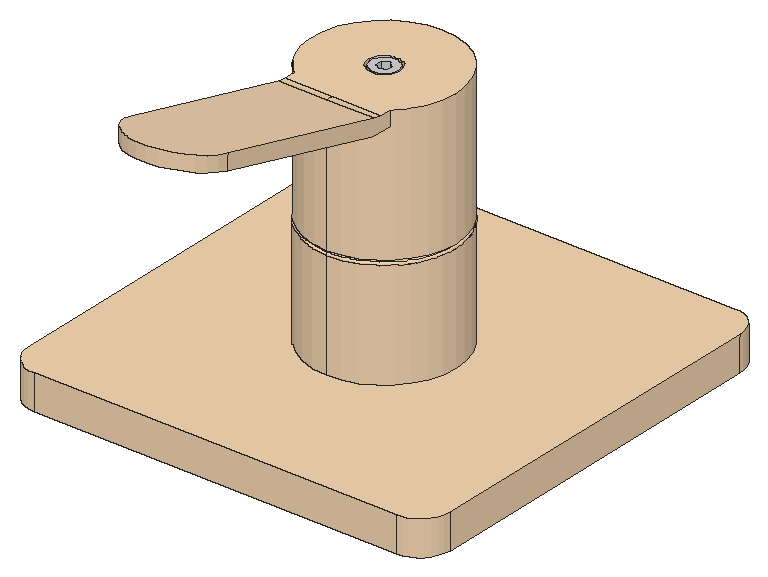
Revit family "Shower-Valve_Trim-KALLISTA-Aileron-P33491_1", category Specialty Equipment, host Face, Revit 2021
Family settings
  Host = Face
  Round Connector Dimension = Use Diameter
  Part Type = Normal
  OmniClass Number = 23.31.25.00
  OmniClass Title = Toilet and Bath Specialties
  Cut with Voids When Loaded = No
  Shared = No
  Room Calculation Point = No
Parameters (values of type "2MB-Brushed Brass")
  Width = 4.72441"  # constant formula
  WaterSense Certified = 1 = 0  # no
  URL = "https://www.kallista.com/"
  Type = 1
  Product Page URL = ""
  Product Name = "Aileron"  # constant formula
  Product Documentation Link = ""
  Model = if(Type = 1, "P33491-LV-2MB", if(Type = 2, "P33491-LV-BGP", if(Type = 3, "P33491-LV-BL", if(Type = 4, "P33491-LV-BLH", if(Type = 5, "P33491-LV-BN", if(Type = 6, "P33491-LV-CP", "NA"))))))  # "P33491-LV-2MB"
  Material = "Premiun Metal Contruction"  # constant formula
  Master Format 2014 Name = "Toilet, Bath, and Laundry Accessories"  # constant formula
  Master Format 2014 = "10 28 00"  # constant formula
  Manufacturer Address = "444 Highland Dr, Kohler, WI 53044"  # constant formula
  Manufacturer = "Kallista Co."  # constant formula
  Length = 3.85827"  # constant formula
  Height = 4.72441"  # constant formula
  Handle Clearance = 3 59/128"  # constant formula
  Finish = Kallista-Metal-2MB-Brushed_Brass
  Environmental Product Declaration = ""
  Description = "Thermostatic Trim"  # constant formula
  Default Elevation = 42"
  Declare Label = ""
  Date Modified = "11/26/2024"  # constant formula
  Date Created = "11/26/2024"  # constant formula
  Copyright = "Copyright Kallista Co."  # constant formula
  Contact Us = "https://www.kallista.com/corporate/contact-us/"
  Assembly Code = "C1030200"
  ADA Compliant = 1 = 0  # no
Types (7): name | Type | Model | Finish
  (no name) | 1 | "P33491-LV-2MB" | Kallista-Metal-2MB-Brushed_Brass
  2MB-Brushed Brass | 1 | "P33491-LV-2MB" | Kallista-Metal-2MB-Brushed_Brass
  BGP-Brushed Graphite | 2 | "P33491-LV-BGP" | Kallista-Metal-BGP-Brushed_Graphite
  BL-Matte Black | 3 | "P33491-LV-BL" | Kallista-Metal-BL-Matte_Black
  BLH-Blush Brass | 4 | "P33491-LV-BLH" | Kallista-Metal-BLH-Blush_Brass
  BN-Brushed Nickel | 5 | "P33491-LV-BN" | Kallista-Metal-BN-Brushed_Nickel
  CP-Chrome | 6 | "P33491-LV-CP" | Kallista-Metal-CP-Chrome
Reference planes (in)
  plane 1 "Center (Front/Back)": y = 0
  plane 2: z = 0
  plane 3 "Center (Left/Right)": x = 0
  plane 4: y = -1.87008
  plane 5: x = -0.80709
  plane 6: x = 0.80709
  plane 7: y = 0.80709
  plane 8: y = -0.80709
  plane 9: x = 2.3622
  plane 10: x = -2.3622
  plane 11: y = -2.30315
  plane 12: z = 0.38583
  plane 13: z = 3.85827
  plane 14: y = -3.1696
  plane 15: y = 1.55481
  plane 16: y = -4.26802
Dimensions and locks (in)
  "Width": plane 10 to plane 9
  "Length": level to plane 13
  plane 15 to plane 14 = 4.72441"
  level to plane 12 = 0.38583"  (x3)
  "Height": plane 15 to plane 14
  plane 15 to plane 16 = 5.82283"
  plane 14 to plane 15 = 4.72441"
  plane 10 to plane 9 = 4.72441"
  level to plane 13 = 3.85827"
  "Handle Clearance": plane 8 to plane 16
  aligned and locked: plane 2 to host face
  aligned and locked: level to host face
Automatic sketch dimensions
  host sketch curve to host sketch curve = 96"  (x2)
Nested families (in)
  nested 1: "P33491" at (0, -0.80709, 0), type "P33491"
Definition of nested family "P33491"
  Parameters
    Material = none
    Default Elevation = 0"
  Reference planes (in)
    plane 1 "Center (Front/Back)": y = 0
    plane 2: z = 0
    plane 3 "Center (Left/Right)": x = 0
    plane 4: y = 0.80709
    plane 5: y = -0.80709
    plane 6: z = 3.15023
    plane 7: through (0, -0.96381, 2.99438) normal (0, 0.2588, 0.9659)
    plane 8: through (0, -0.91286, 3.18452) normal (0, 0.2588, 0.9659)
    plane 9: x = -0.80709
    plane 10: x = 0.80709
    plane 11: z = 0.38583
    plane 12: x = -2.3622
    plane 13: x = 2.3622
    plane 14: y = 2.3622
    plane 15: z = 3.46063
    plane 16: z = 3.85827
    plane 17: y = -3.46063
    plane 18: y = -2.3622
  Forms (in)
    Extrusion 1, solid, material <- "Material", detail levels medium+fine
      sketch origin (0, 0, 0) x (1, 0, 0) y (0, 1, 0)
        loop
          arc (2.3622, 2.02784) -> (2.26427, 2.26427) -> (2.02784, 2.3622) r 0.33437
          line (2.02784, 2.3622) -> (-2.02784, 2.3622)
          arc (-2.02784, 2.3622) -> (-2.26427, 2.26427) -> (-2.3622, 2.02784) r 0.33437
          line (-2.3622, 2.02784) -> (-2.3622, -2.02784)
          arc (-2.3622, -2.02784) -> (-2.26427, -2.26427) -> (-2.02784, -2.3622) r 0.33437
          line (-2.02784, -2.3622) -> (2.02784, -2.3622)
          arc (2.02784, -2.3622) -> (2.26427, -2.26427) -> (2.3622, -2.02784) r 0.33437
          line (2.3622, -2.02784) -> (2.3622, 2.02784)
      from 0 to 0.38583
    Revolve 2, solid, material <- "Material", detail levels medium+fine
      sketch origin (0, 0, 0) x (0, 1, 0) y (0, 0, 1)
        loop
          line (0, 1.61412) -> (0, 0.3937) -> (0.80709, 0.3937) -> (0.80709, 1.59444)
          arc (0.80709, 1.59444) -> (0.80132, 1.60836) -> (0.7874, 1.61412) r 0.01969
          line (0.7874, 1.61412) -> (0, 1.61412)
        axis (0, 0.3937) -> (0, 1.61412)
      angle from 0 to 360
    Revolve 3, solid, material <- "Material", detail levels medium+fine
      sketch origin (0, 0, 0) x (0, 1, 0) y (0, 0, 1)
        loop
          line (0, 3.15023) -> (0, 1.64596) -> (0.80709, 1.64596) -> (0.80709, 3.15023) -> (0, 3.15023)
        axis (0, 1.64596) -> (0, 3.15023)
      angle from 0 to 360
    Revolve 4, solid, detail levels medium+fine
      sketch origin (0, 0, 0) x (0, 1, 0) y (0, 0, 1)
        loop
          line (0, 1.69514) -> (0, 1.59063) -> (0.60606, 1.59063)
          arc (0.60606, 1.59063) -> (0.62288, 1.5976) -> (0.62985, 1.61443) r 0.02379
          line (0.62985, 1.61443) -> (0.62985, 1.69514) -> (0, 1.69514)
        axis (0, 1.59063) -> (0, 1.69514)
      angle from 0 to 360
    Sweep 5, solid, material <- "Material", detail levels medium+fine
      path origin (0, 0, -0.22761) x (0, 1, 0) y (0, 0, 1)
        loop
          line (0.80709, 3.37783) -> (-0.71537, 3.37783)
          arc (-0.71537, 3.37783) -> (-0.76294, 3.38095) -> (-0.80969, 3.39025) r 0.36441
          line (-0.80969, 3.39025) -> (-4.98122, 4.50801)
      profile origin (0, 0.04586, 3.15023) x (0, 0, -1) y (1, 0, 0)
        loop
          line (0.16911, -0.80709) -> (0.16911, 0.80709) -> (0, 0.80709) -> (0, 0) -> (0, -0.80709) -> (0.16911, -0.80709)
    Extrusion 6, void
      sketch origin (0, 0, 0) x (1, 0, 0) y (0, 1, 0)
        loop
          line (-0.53472, 0.18498) -> (-0.53472, -2.86303)
          arc (-0.53472, -2.86303) -> (0.00184, -3.39959) -> (0.5384, -2.86303) r 0.53656
          line (0.5384, -2.86303) -> (0.5384, 0.17392)
          arc (0.5384, 0.17392) -> (0.00583, 0.56629) -> (-0.53472, 0.18498) r 0.56557
        loop
          line (1.56502, 2.25315) -> (-1.58459, 2.25315) -> (-1.58459, -6.38976) -> (1.56502, -6.38976) -> (1.56502, 2.25315)
      from 2.77708 to 5.12019
    Extrusion 7, void
      sketch origin (0, 0, 0) x (1, 0, 0) y (0, 1, 0)
        loop
          circle (0, 0) r 0.17611
      from 3.05754 to 3.86293
    Extrusion 8, solid, detail levels medium+fine
      sketch origin (0, 0, 0) x (1, 0, 0) y (0, 1, 0)
        loop
          circle (0, 0) r 0.14961
      from 3.05754 to 3.14529
    Extrusion 9, void
      sketch origin (0, 0, 0) x (1, 0, 0) y (0, 1, 0)
        loop
          line (0, 0.07733) -> (-0.06697, 0.03866) -> (-0.06697, -0.03866) -> (0, -0.07733) -> (0.06697, -0.03866) -> (0.06697, 0.03866) -> (0, 0.07733)
      from 3.05754 to 3.15023
    Extrusion 10, solid, material <- "Material", detail levels coarse
      sketch origin (0, 0, 0) x (1, 0, 0) y (0, 1, 0)
        loop
          line (2.3622, 2.3622) -> (-2.3622, 2.3622) -> (-2.3622, -2.3622) -> (2.3622, -2.3622) -> (2.3622, 2.3622)
      from 0 to 0.38583
    Extrusion 11, void
      sketch origin (0, 0, 0) x (0, 1, 0) y (0, 0, 1)
        loop
          line (-0.76335, 3.37783) -> (-0.21084, 3.37783) -> (-0.21084, 4.49449) -> (-3.39959, 4.49449) -> (-3.39959, 4.08421) -> (-0.76335, 3.37783)
        loop
          line (-3.39959, 3.90914) -> (-3.72023, 3.99506) -> (-3.72023, 2.71251) -> (-0.21084, 2.71251) -> (-0.21084, 3.20873) -> (-0.78561, 3.20873) -> (-3.39959, 3.90914)
      from -2.36921 to 5.05248
    Extrusion 12, solid, material <- "Material", detail levels medium+fine
      sketch origin (0, 0, 0) x (1, 0, 0) y (0, 0, 1)
        loop
          line (0.1336, 2.22847) -> (0.1336, 2.52008)
          arc (0.1336, 2.52008) -> (-0.0042, 2.65787) -> (-0.14199, 2.52008) r 0.1378
          line (-0.14199, 2.52008) -> (-0.14199, 2.22847)
          arc (-0.14199, 2.22847) -> (-0.0042, 2.09067) -> (0.1336, 2.22847) r 0.1378
      from -0.92095 to -0.66926
    Revolve 13, solid, material <- "Material", detail levels coarse
      sketch origin (0, 0, 0) x (0, 1, 0) y (0, 0, 1)
        loop
          line (0, 3.14971) -> (0, 0.36614) -> (0.80709, 0.36614) -> (0.80709, 3.14971) -> (0, 3.14971)
        axis (0, 0.36614) -> (0, 3.14971)
      angle from 0 to 360
    Extrusion 14, solid, material <- "Material", detail levels coarse
      sketch origin (0, 0, 0) x (0, 1, 0) y (0, 0, 1)
        loop
          arc (-0.96487, 3.02915) -> (-0.78609, 2.98958) -> (-0.60454, 2.96585) r 2.08365
          line (-0.60454, 2.96585) -> (-0.60454, 3.13247)
          arc (-0.60454, 3.13247) -> (-0.73597, 3.15037) -> (-0.86543, 3.17928) r 1.5748
          line (-0.86543, 3.17928) -> (-3.46363, 3.87547) -> (-3.50782, 3.71053) -> (-0.96487, 3.02915)
      from -1.63239 to 2.3622
    Extrusion 15, void
      sketch origin (0, 0, 0) x (1, 0, 0) y (0, 1, 0)
        loop
          line (0.5384, -0.60126) -> (0.5384, -3.39959) -> (-0.53472, -3.39959) -> (-0.53472, -0.60454)
          arc (-0.53472, -0.60454) -> (-0.73585, -0.33153) -> (-0.80709, 0) r 0.80709
          line (-0.80709, 0) -> (-1.95997, 0) -> (-2.14567, -3.54331) -> (3.56299, -3.54331) -> (3.56299, 0) -> (0.80709, 0)
          arc (0.80709, 0) -> (0.73686, -0.32928) -> (0.5384, -0.60126) r 0.80709
      from 2.44335 to 4.9627
  Cuts and joins
    Extrusion 7 cuts Revolve 3
    Extrusion 6, Extrusion 7 cuts Sweep 5
    joined: Revolve 3, Sweep 5
    Extrusion 9 cuts Extrusion 8
    Extrusion 7 cuts Revolve 2
    Extrusion 7 cuts Revolve 4
    Extrusion 7 cuts Extrusion 1
    Extrusion 15 cuts Extrusion 14
    Extrusion 15 cuts Revolve 13
  Lines and regions (in)
    Masking region 1
      outline origin (0, 0.00077, 0) x (1, 0, 0) y (0, 1, 0)
        loop
          line (1.9685, 2.36144) -> (-1.9685, 2.36144)
          arc (-1.9685, 2.36144) -> (-2.24689, 2.24612) -> (-2.3622, 1.96773) r 0.3937
          line (-2.3622, 1.96773) -> (-2.3622, -1.96927)
          arc (-2.3622, -1.96927) -> (-2.24689, -2.24766) -> (-1.9685, -2.36297) r 0.3937
          line (-1.9685, -2.36297) -> (-0.55364, -2.36297) -> (-0.55364, -2.9084)
          arc (-0.55364, -2.9084) -> (0, -3.46204) -> (0.55364, -2.9084) r 0.55364
          line (0.55364, -2.9084) -> (0.55364, -2.36297) -> (1.9685, -2.36297)
          arc (1.9685, -2.36297) -> (2.24689, -2.24766) -> (2.3622, -1.96927) r 0.3937
          line (2.3622, -1.96927) -> (2.3622, 1.96773)
          arc (2.3622, 1.96773) -> (2.24689, 2.24612) -> (1.9685, 2.36144) r 0.3937
    Masking region 2
      outline origin (0, -0.005, 0) x (0, 1, 0) y (0, 0, 1)
        loop
          line (-0.77988, 3.15023) -> (-3.38856, 3.84922)
          arc (-3.38856, 3.84922) -> (-3.40442, 3.84713) -> (-3.41415, 3.83445) r 0.02089
          line (-3.41415, 3.83445) -> (-3.45405, 3.68554)
          arc (-3.45405, 3.68554) -> (-3.45187, 3.669) -> (-3.43864, 3.65884) r 0.02179
          line (-3.43864, 3.65884) -> (-0.80209, 2.95238) -> (-0.80209, 1.6449) -> (-0.62964, 1.6449) -> (-0.62964, 1.61356) -> (-0.7874, 1.61356)
          arc (-0.7874, 1.61356) -> (-0.80132, 1.6078) -> (-0.80709, 1.59388) r 0.01969
          line (-0.80709, 1.59388) -> (-0.80709, 0.38583) -> (-2.33752, 0.38583)
          arc (-2.33752, 0.38583) -> (-2.35144, 0.38006) -> (-2.35721, 0.36614) r 0.01969
          line (-2.35721, 0.36614) -> (-2.35721, 0) -> (2.3672, 0) -> (2.3672, 0.36614)
          arc (2.3672, 0.36614) -> (2.36144, 0.38006) -> (2.34752, 0.38583) r 0.01969
          line (2.34752, 0.38583) -> (0.80709, 0.38583) -> (0.80709, 1.59388)
          arc (0.80709, 1.59388) -> (0.80132, 1.6078) -> (0.7874, 1.61356) r 0.01969
          line (0.7874, 1.61356) -> (0.62964, 1.61356) -> (0.62964, 1.6449) -> (0.81208, 1.6449) -> (0.81208, 2.0899) -> (0.88379, 2.0899)
          arc (0.88379, 2.0899) -> (0.91371, 2.10229) -> (0.9261, 2.1322) r 0.0423
          line (0.9261, 2.1322) -> (0.9261, 2.60234)
          arc (0.9261, 2.60234) -> (0.91457, 2.63018) -> (0.88674, 2.6417) r 0.03936
          line (0.88674, 2.6417) -> (0.81208, 2.6417) -> (0.81208, 3.15023) -> (-0.77988, 3.15023)
    Masking region 3
      outline origin (0, 0, 0) x (1, 0, 0) y (0, 0, 1)
        loop
          line (-2.3622, 0) -> (2.3622, 0) -> (2.3622, 0.36614)
          arc (2.3622, 0.36614) -> (2.35644, 0.38006) -> (2.34252, 0.38583) r 0.01969
          line (2.34252, 0.38583) -> (0.80709, 0.38583) -> (0.80709, 1.59444)
          arc (0.80709, 1.59444) -> (0.80132, 1.60836) -> (0.7874, 1.61412) r 0.01969
          line (0.7874, 1.61412) -> (0.62985, 1.61412) -> (0.62985, 1.64596) -> (0.80709, 1.64596) -> (0.80709, 3.37783) -> (0.55112, 3.37783) -> (0.55112, 3.50442)
          arc (0.55112, 3.50442) -> (0.48194, 3.70743) -> (0.30321, 3.82598) r 0.3325
          arc (0.30321, 3.82598) -> (0.27706, 3.83227) -> (0.25067, 3.83746) r 0.63922
          arc (0.25067, 3.83746) -> (0.0547, 3.85708) -> (-0.14204, 3.84786) r 1.34452
          arc (-0.14204, 3.84786) -> (-0.27467, 3.82223) -> (-0.40236, 3.77815) r 0.95548
          arc (-0.40236, 3.77815) -> (-0.51141, 3.68722) -> (-0.55227, 3.55124) r 0.24669
          line (-0.55227, 3.55124) -> (-0.55227, 3.37783) -> (-0.80709, 3.37783) -> (-0.80709, 1.64596) -> (-0.62985, 1.64596) -> (-0.62985, 1.61412) -> (-0.7874, 1.61412)
          arc (-0.7874, 1.61412) -> (-0.80132, 1.60836) -> (-0.80709, 1.59444) r 0.01969
          line (-0.80709, 1.59444) -> (-0.80709, 0.38583) -> (-2.34252, 0.38583)
          arc (-2.34252, 0.38583) -> (-2.35644, 0.38006) -> (-2.3622, 0.36614) r 0.01969
          line (-2.3622, 0.36614) -> (-2.3622, 0)
    symbolic lines, detail levels medium+fine
      curve 1: arc (0.55364, -0.62722, 0) -> (-0.00814, 0.83657, 0) -> (-0.54134, -0.63787, 0) r 0.83661
      curve 2: circle (0, 0, 0) r 0.17611 normal (0, 0, 1)
      curve 3: circle (0, 0, 0) r 0.15494 normal (0, 0, 1)
      curve 4: line (0.05114, 0.02953, 0) -> (0, 0.05906, 0)
      curve 5: line (0, 0.05906, 0) -> (-0.05114, 0.02953, 0)
      curve 6: line (-0.05114, 0.02953, 0) -> (-0.05114, -0.02953, 0)
      curve 7: line (-0.05114, -0.02953, 0) -> (0, -0.05906, 0)
      curve 8: line (0, -0.05906, 0) -> (0.05114, -0.02953, 0)
      curve 9: line (0.05114, -0.02953, 0) -> (0.05114, 0.02953, 0)
      curve 10: line (0.06697, -0.03866, 0) -> (0, -0.07733, 0)
      curve 11: line (-0.06697, 0.03866, 0) -> (0, 0.07733, 0)
      curve 12: line (0, -0.07733, 0) -> (-0.06697, -0.03866, 0)
      curve 13: line (0, 0.07733, 0) -> (0.06697, 0.03866, 0)
      curve 14: line (0.06697, 0.03866, 0) -> (0.06697, -0.03866, 0)
      curve 15: line (-0.06697, -0.03866, 0) -> (-0.06697, 0.03866, 0)
      curve 16: line (-0.54134, -0.70879, 0) -> (0.55364, -0.70879, 0)
      curve 17: line (-0.54134, -0.73772, 0) -> (0.55364, -0.73772, 0)
      curve 18: line (-0.54134, -0.77953, 0) -> (0.55364, -0.77953, 0)
      curve 19: line (-0.54134, -0.815, 0) -> (0.55364, -0.815, 0)
      curve 20: arc (0.55364, -0.62722, 0) -> (-0.00814, 0.83657, 0) -> (-0.54134, -0.63787, 0) r 0.83661
      curve 21: circle (0, 0, 0) r 0.17611 normal (0, 0, 1)
      curve 22: circle (0, 0, 0) r 0.15494 normal (0, 0, 1)
      curve 23: line (0.05114, 0.02953, 0) -> (0, 0.05906, 0)
      curve 24: line (0, 0.05906, 0) -> (-0.05114, 0.02953, 0)
      curve 25: line (-0.05114, 0.02953, 0) -> (-0.05114, -0.02953, 0)
      curve 26: line (-0.05114, -0.02953, 0) -> (0, -0.05906, 0)
      curve 27: line (0, -0.05906, 0) -> (0.05114, -0.02953, 0)
      curve 28: line (0.05114, -0.02953, 0) -> (0.05114, 0.02953, 0)
      curve 29: line (0.06697, -0.03866, 0) -> (0, -0.07733, 0)
      curve 30: line (-0.06697, 0.03866, 0) -> (0, 0.07733, 0)
      curve 31: line (0, -0.07733, 0) -> (-0.06697, -0.03866, 0)
      curve 32: line (0, 0.07733, 0) -> (0.06697, 0.03866, 0)
      curve 33: line (0.06697, 0.03866, 0) -> (0.06697, -0.03866, 0)
      curve 34: line (-0.06697, -0.03866, 0) -> (-0.06697, 0.03866, 0)
      curve 35: line (-0.54134, -0.70879, 0) -> (0.55364, -0.70879, 0)
      curve 36: line (-0.54134, -0.73772, 0) -> (0.55364, -0.73772, 0)
      curve 37: line (-0.54134, -0.77953, 0) -> (0.55364, -0.77953, 0)
      curve 38: line (-0.54134, -0.815, 0) -> (0.55364, -0.815, 0)
      curve 39: arc (0.55364, -0.62722, 0) -> (-0.00814, 0.83657, 0) -> (-0.54134, -0.63787, 0) r 0.83661
      curve 40: circle (0, 0, 0) r 0.17611 normal (0, 0, 1)
      curve 41: circle (0, 0, 0) r 0.15494 normal (0, 0, 1)
      curve 42: line (0.05114, 0.02953, 0) -> (0, 0.05906, 0)
      curve 43: line (0, 0.05906, 0) -> (-0.05114, 0.02953, 0)
      curve 44: line (-0.05114, 0.02953, 0) -> (-0.05114, -0.02953, 0)
      curve 45: line (-0.05114, -0.02953, 0) -> (0, -0.05906, 0)
      curve 46: line (0, -0.05906, 0) -> (0.05114, -0.02953, 0)
      curve 47: line (0.05114, -0.02953, 0) -> (0.05114, 0.02953, 0)
      curve 48: line (0.06697, -0.03866, 0) -> (0, -0.07733, 0)
      curve 49: line (-0.06697, 0.03866, 0) -> (0, 0.07733, 0)
      curve 50: line (0, -0.07733, 0) -> (-0.06697, -0.03866, 0)
      curve 51: line (0, 0.07733, 0) -> (0.06697, 0.03866, 0)
      curve 52: line (0.06697, 0.03866, 0) -> (0.06697, -0.03866, 0)
      curve 53: line (-0.06697, -0.03866, 0) -> (-0.06697, 0.03866, 0)
      curve 54: line (-0.54134, -0.70879, 0) -> (0.55364, -0.70879, 0)
      curve 55: line (-0.54134, -0.73772, 0) -> (0.55364, -0.73772, 0)
      curve 56: line (-0.54134, -0.77953, 0) -> (0.55364, -0.77953, 0)
      curve 57: line (-0.54134, -0.815, 0) -> (0.55364, -0.815, 0)
      curve 58: arc (0.55364, -0.65183, 0) -> (0, 0.81201, 0) -> (-0.55364, -0.65183, 0) r 0.83661
      curve 59: circle (0, 0, 0) r 0.17611 normal (0, 0, 1)
      curve 60: circle (0, 0, 0) r 0.15494 normal (0, 0, 1)
      curve 61: line (0.05114, 0.02953, 0) -> (0, 0.05906, 0)
      curve 62: line (0, 0.05906, 0) -> (-0.05114, 0.02953, 0)
      curve 63: line (-0.05114, 0.02953, 0) -> (-0.05114, -0.02953, 0)
      curve 64: line (-0.05114, -0.02953, 0) -> (0, -0.05906, 0)
      curve 65: line (0, -0.05906, 0) -> (0.05114, -0.02953, 0)
      curve 66: line (0.05114, -0.02953, 0) -> (0.05114, 0.02953, 0)
      curve 67: line (0.06697, -0.03866, 0) -> (0, -0.07733, 0)
      curve 68: line (-0.06697, 0.03866, 0) -> (0, 0.07733, 0)
      curve 69: line (0, -0.07733, 0) -> (-0.06697, -0.03866, 0)
      curve 70: line (0, 0.07733, 0) -> (0.06697, 0.03866, 0)
      curve 71: line (0.06697, 0.03866, 0) -> (0.06697, -0.03866, 0)
      curve 72: line (-0.06697, -0.03866, 0) -> (-0.06697, 0.03866, 0)
      curve 73: line (-0.54134, -0.70879, 0) -> (0.55364, -0.70879, 0)
      curve 74: line (-0.54134, -0.73772, 0) -> (0.55364, -0.73772, 0)
      curve 75: line (-0.54134, -0.77953, 0) -> (0.55364, -0.77953, 0)
      curve 76: line (-0.54134, -0.815, 0) -> (0.55364, -0.815, 0)
      curve 77: line (0, 0.62964, 1.6449) -> (0, -0.62964, 1.6449)
      curve 78: line (0, -0.62964, 1.61356) -> (0, 0.64192, 1.61356)
      curve 79: line (0, 0.80709, 1.59388) -> (0, -0.80709, 1.59388)
      curve 80: line (0, -0.80709, 2.71762) -> (0, 0.80709, 2.71762)
      curve 81: line (0, 0.77059, 3.15023) -> (0, -0.00483, 2.83307)
      curve 82: line (0, 0.80709, 3.14389) -> (0, -0.00431, 2.81201)
      curve 83: line (0, 0.80709, 3.12262) -> (0, -0.00379, 2.79096)
      curve 84: line (0, 0.8113, 3.10307) -> (0, -0.00327, 2.7699)
      curve 85: line (0, 0.80709, 3.08008) -> (0, 0, 2.74997)
      curve 86: line (0, 0.80709, 3.05882) -> (0, 0, 2.72871)
      curve 87: line (0, 0.80709, 3.03755) -> (0, 0.02489, 2.71762)
      curve 88: line (0, 0.80709, 3.01628) -> (0, 0.07688, 2.71762)
      curve 89: line (0, 0.80709, 2.99501) -> (0, 0.12888, 2.71762)
      curve 90: line (0, 0.80709, 2.97374) -> (0, 0.18088, 2.71762)
      curve 91: line (0, 0.80709, 2.95248) -> (0, 0.23288, 2.71762)
      curve 92: line (0, 0.80709, 2.93121) -> (0, 0.28488, 2.71762)
      curve 93: line (0, 0.80709, 2.90994) -> (0, 0.33687, 2.71762)
      curve 94: line (0, 0.80175, 2.88649) -> (0, 0.38887, 2.71762)
      curve 95: line (0, 0.80227, 2.86543) -> (0, 0.44087, 2.71762)
      curve 96: line (0, 0.80278, 2.84438) -> (0, 0.49287, 2.71762)
      curve 97: line (0, 0.8033, 2.82332) -> (0, 0.54487, 2.71762)
      curve 98: line (0, 0.80382, 2.80226) -> (0, 0.59687, 2.71762)
      curve 99: line (0, 0.80434, 2.78121) -> (0, 0.64886, 2.71762)
      curve 100: line (0, 0.80485, 2.76015) -> (0, 0.70086, 2.71762)
      curve 101: line (0, 0.80537, 2.73909) -> (0, 0.75286, 2.71762)
      curve 102: line (0, 0.80709, 2.71762) -> (0, 0, 3.00228)
      curve 103: line (0, 0.74791, 2.71762) -> (0, 0, 2.98141)
      curve 104: line (0, 0.68872, 2.71762) -> (0, -0.00278, 2.96152)
      curve 105: line (0, 0.62954, 2.71762) -> (0, -0.00226, 2.94046)
      curve 106: line (0, 0.57036, 2.71762) -> (0, -0.00175, 2.9194)
      curve 107: line (0, 0.51118, 2.71762) -> (0, -0.00123, 2.89835)
      curve 108: line (0, 0.44087, 2.71762) -> (0, 0, 2.87312)
      curve 109: line (0, 0.38169, 2.71762) -> (0, -0.00535, 2.85413)
      curve 110: line (0, 0.32251, 2.71762) -> (0, -0.00483, 2.83307)
      curve 111: line (0, 0.26333, 2.71762) -> (0, -0.00431, 2.81201)
      curve 112: line (0, 0.20415, 2.71762) -> (0, -0.00379, 2.79096)
      curve 113: line (0, 0.14497, 2.71762) -> (0, -0.00327, 2.7699)
      curve 114: line (0, 0.80537, 2.73909) -> (0, 0.0043, 3.02164)
      curve 115: line (0, 0.80485, 2.76015) -> (0, 0, 3.04403)
      curve 116: line (0, 0.80434, 2.78121) -> (0, 0, 3.0649)
      curve 117: line (0, 0.80382, 2.80226) -> (0, -0.00518, 3.08761)
      curve 118: line (0, 0.8033, 2.82332) -> (0, -0.00488, 3.10837)
      curve 119: line (0, 0.80278, 2.84438) -> (0, 0, 3.12752)
      curve 120: line (0, 0.80227, 2.86543) -> (0, 0, 3.1484)
      curve 121: line (0.55112, 0, 3.37783) -> (-0.55227, 0, 3.37783)
      curve 122: line (0.62985, 0, 1.64596) -> (-0.62985, 0, 1.64596)
      curve 123: line (0.62985, 0, 1.61412) -> (-0.64557, 0, 1.61412)
      curve 124: line (0.80709, 0, 2.48255) -> (0.13615, 0, 2.48255)
      curve 125: line (0.80709, 0, 3.37783) -> (-0.80709, 0, 2.69785)
      curve 126: line (0.70567, 0, 3.37783) -> (-0.8113, 0, 2.7388)
      curve 127: line (0.60426, 0, 3.37783) -> (-0.8113, 0, 2.78152)
      curve 128: line (0.50285, 0, 3.37783) -> (-0.8113, 0, 2.82424)
      curve 129: line (0.40144, 0, 3.37783) -> (-0.8113, 0, 2.86696)
      curve 130: line (0.30002, 0, 3.37783) -> (-0.76059, 0, 2.93104)
      curve 131: line (0.19861, 0, 3.37783) -> (-0.8113, 0, 2.9524)
      curve 132: line (0.0972, 0, 3.37783) -> (-0.80709, 0, 2.9969)
      curve 133: line (-0.00421, 0, 3.37783) -> (-0.8113, 0, 3.03784)
      curve 134: line (-0.10563, 0, 3.37783) -> (-0.8113, 0, 3.08056)
      curve 135: line (-0.20704, 0, 3.37783) -> (-0.8113, 0, 3.12329)
      curve 136: line (-0.30845, 0, 3.37783) -> (-0.8113, 0, 3.16601)
      curve 137: line (-0.40986, 0, 3.37783) -> (-0.8113, 0, 3.20873)
      curve 138: line (-0.51128, 0, 3.37783) -> (-0.8113, 0, 3.25145)
      curve 139: line (-0.61269, 0, 3.37783) -> (-0.8113, 0, 3.29417)
      curve 140: line (-0.70989, 0, 3.37961) -> (-0.8113, 0, 3.33689)
      curve 141: line (0.80709, 0, 3.33511) -> (-0.80709, 0, 2.65513)
      curve 142: line (0.80709, 0, 3.29239) -> (-0.80709, 0, 2.61241)
      curve 143: line (0.70989, 0, 3.20873) -> (-0.81113, 0, 2.56799)
      curve 144: line (0.8113, 0, 3.20873) -> (-0.80709, 0, 2.52697)
      curve 145: line (0.76059, 0, 3.14465) -> (-0.80709, 0, 2.48425)
      curve 146: line (0.8113, 0, 3.12329) -> (-0.70971, 0, 2.48255)
      curve 147: line (0.8113, 0, 3.08056) -> (-0.6083, 0, 2.48255)
      curve 148: line (0.8113, 0, 3.03784) -> (-0.50689, 0, 2.48255)
      curve 149: line (-0.11647, 0, 2.60429) -> (-0.40548, 0, 2.48255)
      curve 150: line (-0.14104, 0, 2.55122) -> (-0.30406, 0, 2.48255)
      curve 151: line (0.8113, 0, 2.90968) -> (0.10141, 0, 2.61064)
      curve 152: line (0.8113, 0, 2.86696) -> (0.12391, 0, 2.57739)
      curve 153: line (0.8113, 0, 2.82424) -> (0.13483, 0, 2.53927)
      curve 154: line (0.8113, 0, 2.78152) -> (0.13615, 0, 2.49711)
      curve 155: line (0.8113, 0, 2.7388) -> (0.203, 0, 2.48255)
      curve 156: line (0.8113, 0, 2.7388) -> (-0.70989, 0, 3.37961)
      curve 157: line (0.8113, 0, 2.78152) -> (-0.60426, 0, 3.37783)
      curve 158: line (0.8113, 0, 2.82424) -> (-0.50285, 0, 3.37783)
      curve 159: line (0.8113, 0, 2.86696) -> (-0.40144, 0, 3.37783)
      curve 160: line (0.8113, 0, 2.90968) -> (-0.30002, 0, 3.37783)
      curve 161: line (0.81108, 0, 2.95249) -> (-0.19861, 0, 3.37783)
      curve 162: line (0.8113, 0, 2.99512) -> (-0.0972, 0, 3.37783)
      curve 163: line (0.8113, 0, 3.03784) -> (0.00421, 0, 3.37783)
      curve 164: line (0.8113, 0, 3.08056) -> (0.10563, 0, 3.37783)
      curve 165: line (0.8113, 0, 3.12329) -> (0.20704, 0, 3.37783)
      curve 166: line (0.80709, 0, 3.16778) -> (0.30845, 0, 3.37783)
      curve 167: line (0.8113, 0, 3.20873) -> (0.40986, 0, 3.37783)
      curve 168: line (0.80709, 0, 3.25322) -> (0.51128, 0, 3.37783)
      curve 169: line (0.80709, 0, 2.65513) -> (-0.8113, 0, 3.33689)
      curve 170: line (0.80709, 0, 2.61241) -> (-0.8113, 0, 3.29417)
      curve 171: line (0.80709, 0, 2.56969) -> (-0.8113, 0, 3.25145)
      curve 172: line (0.80709, 0, 2.52697) -> (-0.8113, 0, 3.20873)
      curve 173: line (0.80709, 0, 2.48425) -> (-0.8113, 0, 3.16601)
      curve 174: line (0.70971, 0, 2.48255) -> (-0.8113, 0, 3.12329)
      curve 175: line (0.6083, 0, 2.48255) -> (-0.8113, 0, 3.08056)
      curve 176: line (0.50689, 0, 2.48255) -> (-0.8113, 0, 3.03784)
      curve 177: line (0.40548, 0, 2.48255) -> (0.10141, 0, 2.61064)
      curve 178: line (-0.07402, 0, 2.64182) -> (-0.8113, 0, 2.9524)
      curve 179: line (-0.10873, 0, 2.61372) -> (-0.80709, 0, 2.90791)
      curve 180: line (-0.13094, 0, 2.58035) -> (-0.8113, 0, 2.86696)
      curve 181: line (-0.14272, 0, 2.5426) -> (-0.8113, 0, 2.82424)
      curve 182: line (-0.14454, 0, 2.50064) -> (-0.8113, 0, 2.78152)
      curve 183: line (-0.203, 0, 2.48255) -> (-0.8113, 0, 2.7388)
      curve 184: arc (-0.33406, -3.17136, 0) -> (-0.47297, -2.96047, 0) -> (-0.55364, -2.72116, 0) r 0.98429
      curve 185: arc (0.33406, -3.17136, 0) -> (0.47297, -2.96047, 0) -> (0.55364, -2.72116, 0) r 0.98429
      curve 186: arc (-0.33406, -3.17136, 0) -> (0, -3.32452, 0) -> (0.33406, -3.17136, 0) r 0.44091
      curve 187: line (-0.55364, -2.3622, 0) -> (-0.55364, 0, 0)
      curve 188: line (0.55364, -2.3622, 0) -> (0.55364, 0, 0)
      curve 189: arc (-0.55364, 0, 0) -> (0, 0.55364, 0) -> (0.55364, 0, 0) r 0.55364
      curve 190: line (0, -3.44406, 3.89233) -> (0, -3.39409, 4.08274)
      curve 191: line (0, 0.80209, 0.38583) -> (0, -0.81208, 0.38583)
      curve 192: line (0, 2.3622, 0.36614) -> (0, -2.3622, 0.36614)
      curve 193: arc (0.32908, 0, 3.66755) -> (0.02484, 0, 3.68644) -> (-0.27939, 0, 3.66755) r 2.45904
      curve 194: arc (0.55105, 0, 3.51107) -> (0.45963, 0, 3.61706) -> (0.32908, 0, 3.66755) r 0.28852
      curve 195: arc (-0.27939, 0, 3.66755) -> (-0.43089, 0, 3.61768) -> (-0.55227, 0, 3.5142) r 0.41373
      curve 196: line (0.13615, 0, 2.22847) -> (0.13615, 0, 2.48255)
      curve 197: line (-0.14454, 0, 2.22847) -> (-0.14454, 0, 2.48255)
      curve 198: circle (0, 0, 2.3627) r 0.0945 normal (0, -1, 0)
      curve 199: arc (0.07377, 0, 2.4861) -> (-0.00488, 0, 2.52036) -> (-0.08352, 0, 2.4861) r 0.10739
      curve 200: arc (0.08462, 0, 2.55118) -> (0.00258, 0, 2.60016) -> (-0.07946, 0, 2.55118) r 0.0932
      curve 201: arc (0.07377, 0, 2.4861) -> (0.09033, 0, 2.51678) -> (0.08462, 0, 2.55118) r 0.05384
      curve 202: arc (-0.07946, 0, 2.55118) -> (-0.08863, 0, 2.51909) -> (-0.08352, 0, 2.4861) r 0.07789
      curve 203: arc (-0.14454, 0, 2.22847) -> (-0.0042, 0, 2.08812) -> (0.13615, 0, 2.22847) r 0.14034
      curve 204: arc (0.13615, 0, 2.52008) -> (-0.0042, 0, 2.66042) -> (-0.14454, 0, 2.52008) r 0.14034
      curve 205: arc (0.08462, 0, 2.19736) -> (0.00258, 0, 2.14839) -> (-0.07946, 0, 2.19736) r 0.0932
      curve 206: arc (0.07667, 0, 2.25955) -> (-0.00386, 0, 2.22204) -> (-0.08509, 0, 2.25802) r 0.10739
      curve 207: arc (-0.07946, 0, 2.19736) -> (-0.08845, 0, 2.22712) -> (-0.08509, 0, 2.25802) r 0.07789
      curve 208: arc (0.07667, 0, 2.25955) -> (0.09063, 0, 2.22973) -> (0.08462, 0, 2.19736) r 0.05384
      curve 209: line (2.3622, 0, 0.36614) -> (-2.3622, 0, 0.36614)
      curve 210: line (0.80709, 0, 0.38583) -> (-0.80827, 0, 0.38583)
      curve 211: line (0.8113, 0, 2.99512) -> (0.01397, 0, 2.65924)
      curve 212: line (0.06894, 0, 2.63986) -> (0.81108, 0, 2.95249)
      curve 213: line (0.13615, 0, 2.48255) -> (0.13615, 0, 2.52008)
      curve 214: line (-0.14454, 0, 2.48255) -> (-0.14454, 0, 2.52008)
      curve 215: line (-0.14454, 0, 2.48255) -> (-0.80709, 0, 2.48255)
      curve 216: line (-0.80709, 0, 2.9969) -> (-0.04058, 0, 2.65563)
      curve 217: line (-0.34139, 0, 2.48255) -> (-0.80709, 0, 2.67872)
      curve 218: line (-0.47783, 0, 2.48255) -> (-0.80709, 0, 2.62125)
      curve 219: line (-0.6083, 0, 2.48255) -> (-0.81113, 0, 2.56799)
      curve 220: line (-0.73438, 0, 2.48255) -> (-0.80709, 0, 2.51317)
      curve 221: line (0.80709, 0, 2.6794) -> (0.33979, 0, 2.48255)
      curve 222: line (0.80709, 0, 2.62764) -> (0.46266, 0, 2.48255)
      curve 223: line (0.52669, 0, 2.48255) -> (0.80709, 0, 2.60067)
      curve 224: line (0.61404, 0, 2.48255) -> (0.80709, 0, 2.56969)
      curve 225: line (0.65859, 0, 2.48255) -> (0.80709, 0, 2.5451)
      curve 226: line (0.7219, 0, 2.48255) -> (0.80709, 0, 2.51843)
      curve 227: line (0, 0.80709, 2.6417) -> (0, 0.80709, 2.0899)
      curve 228: line (0, 0.88174, 2.6417) -> (0, 0.88174, 2.09061)
      curve 229: line (0, 0.9211, 2.60234) -> (0, 0.80709, 2.60234)
      curve 230: line (0, 0.9211, 2.1322) -> (0, 0.80709, 2.1322)
      curve 231: line (0, 0.71859, 3.15023) -> (0, -0.00745, 2.85327)
      curve 232: line (0, 0.80175, 2.88649) -> (0, 0.054, 3.15023)
      curve 233: line (0, 0.66659, 3.15023) -> (0, 0, 2.87758)
      curve 234: line (0, 0.80123, 2.90754) -> (0, 0.11318, 3.15023)
      curve 235: line (0, 0.61459, 3.15023) -> (0, -0.00123, 2.89835)
      curve 236: line (0, 0.80709, 2.92635) -> (0, 0.17236, 3.15023)
      curve 237: line (0, 0.56259, 3.15023) -> (0, -0.00175, 2.9194)
      curve 238: line (0, 0.80709, 2.94723) -> (0, 0.23154, 3.15023)
      curve 239: line (0, 0.5106, 3.15023) -> (0, -0.00226, 2.94046)
      curve 240: line (0, 0.80709, 2.9681) -> (0, 0.29072, 3.15023)
      curve 241: line (0, 0.4586, 3.15023) -> (0, -0.00278, 2.96152)
      curve 242: line (0, 0.80709, 2.98897) -> (0, 0.3499, 3.15023)
      curve 243: line (0, 0.80709, 3.00412) -> (0, 0.39286, 3.15023)
      curve 244: line (0, 0.80709, 3.02421) -> (0, 0.4315, 3.15023)
      curve 245: line (0, 0.47461, 3.15023) -> (0, 0.80709, 3.04858)
      curve 246: line (0, 0.5332, 3.15023) -> (0, 0.80709, 3.06649)
      curve 247: line (0, 0.57882, 3.15023) -> (0, 0.80709, 3.08906)
      curve 248: line (0, 0.63532, 3.15023) -> (0, 0.8113, 3.10307)
      curve 249: line (0, 0.68638, 3.15023) -> (0, 0.80709, 3.11788)
      curve 250: line (0, 0.7349, 3.15023) -> (0, 0.80709, 3.12816)
      curve 251: line (0, 0.7784, 3.15023) -> (0, 0.80709, 3.13366)
      curve 252: line (0, 0.39286, 3.15023) -> (0, 0, 2.98954)
      curve 253: line (0, 0.31869, 3.15023) -> (0, 0.0043, 3.02164)
      curve 254: line (0, 0.23154, 3.15023) -> (0, 0, 3.05552)
      curve 255: line (0, 0.17236, 3.15023) -> (0, -0.00518, 3.08761)
      curve 256: line (0, 0.07733, 3.142) -> (0, -0.00488, 3.10837)
      curve 257: line (0, -0.57402, 3.06983) -> (0, 0.00483, 2.83307)
      curve 258: line (0, -0.57402, 3.04856) -> (0, 0.00431, 2.81201)
      curve 259: line (0, -0.57402, 3.02729) -> (0, 0.00379, 2.79096)
      curve 260: line (0, -0.57402, 3.00602) -> (0, 0.00327, 2.7699)
      curve 261: line (0, -0.57402, 2.98475) -> (0, 0, 2.74997)
      curve 262: line (0, -0.57402, 2.96349) -> (0, 0, 2.72871)
      curve 263: line (0, -0.61297, 2.95815) -> (0, -0.02489, 2.71762)
      curve 264: line (0, -0.66497, 2.95815) -> (0, -0.07688, 2.71762)
      curve 265: line (0, -0.71697, 2.95815) -> (0, -0.12888, 2.71762)
      curve 266: line (0, -0.76897, 2.95815) -> (0, -0.18088, 2.71762)
      curve 267: line (0, -0.80709, 2.95248) -> (0, -0.23288, 2.71762)
      curve 268: line (0, -0.80709, 2.93121) -> (0, -0.28488, 2.71762)
      curve 269: line (0, -0.80709, 2.90994) -> (0, -0.33687, 2.71762)
      curve 270: line (0, -0.80175, 2.88649) -> (0, -0.38887, 2.71762)
      curve 271: line (0, -0.80227, 2.86543) -> (0, -0.44087, 2.71762)
      curve 272: line (0, -0.80278, 2.84438) -> (0, -0.49287, 2.71762)
      curve 273: line (0, -0.8033, 2.82332) -> (0, -0.54487, 2.71762)
      curve 274: line (0, -0.80382, 2.80226) -> (0, -0.59687, 2.71762)
      curve 275: line (0, -0.80434, 2.78121) -> (0, -0.64886, 2.71762)
      curve 276: line (0, -0.80485, 2.76015) -> (0, -0.70086, 2.71762)
      curve 277: line (0, -0.80537, 2.73909) -> (0, -0.75286, 2.71762)
      curve 278: line (0, -0.80709, 2.71762) -> (0, 0, 3.00228)
      curve 279: line (0, -0.74791, 2.71762) -> (0, 0, 2.98141)
      curve 280: line (0, -0.68872, 2.71762) -> (0, 0.00278, 2.96152)
      curve 281: line (0, -0.62954, 2.71762) -> (0, 0.00226, 2.94046)
      curve 282: line (0, -0.57036, 2.71762) -> (0, 0.00175, 2.9194)
      curve 283: line (0, -0.51118, 2.71762) -> (0, 0.00123, 2.89835)
      curve 284: line (0, -0.44087, 2.71762) -> (0, 0, 2.87312)
      curve 285: line (0, -0.38169, 2.71762) -> (0, 0.00535, 2.85413)
      curve 286: line (0, -0.32251, 2.71762) -> (0, 0.00483, 2.83307)
      curve 287: line (0, -0.26333, 2.71762) -> (0, 0.00431, 2.81201)
      curve 288: line (0, -0.20415, 2.71762) -> (0, 0.00379, 2.79096)
      curve 289: line (0, -0.14497, 2.71762) -> (0, 0.00327, 2.7699)
      curve 290: line (0, -0.80537, 2.73909) -> (0, -0.0043, 3.02164)
      curve 291: line (0, -0.80485, 2.76015) -> (0, 0, 3.04403)
      curve 292: line (0, -0.80434, 2.78121) -> (0, 0, 3.0649)
      curve 293: line (0, -0.80382, 2.80226) -> (0, 0.00518, 3.08761)
      curve 294: line (0, -0.8033, 2.82332) -> (0, 0.00488, 3.10837)
      curve 295: line (0, -0.80278, 2.84438) -> (0, 0, 3.12752)
      curve 296: line (0, -0.80227, 2.86543) -> (0, 0, 3.1484)
      curve 297: line (0, -0.57402, 3.09109) -> (0, 0.00535, 2.85413)
      curve 298: line (0, -0.57402, 2.96681) -> (0, -0.054, 3.15023)
      curve 299: line (0, -0.57402, 3.11236) -> (0, 0, 2.87758)
      curve 300: line (0, -0.57402, 2.98768) -> (0, -0.11318, 3.15023)
      curve 301: line (0, -0.57402, 3.13363) -> (0, 0.00123, 2.89835)
      curve 302: line (0, -0.57402, 3.00856) -> (0, -0.17236, 3.15023)
      curve 303: line (0, -0.56259, 3.15023) -> (0, 0.00175, 2.9194)
      curve 304: line (0, -0.57402, 3.02943) -> (0, -0.23154, 3.15023)
      curve 305: line (0, -0.5106, 3.15023) -> (0, 0.00226, 2.94046)
      curve 306: line (0, -0.57402, 3.0503) -> (0, -0.29072, 3.15023)
      curve 307: line (0, -0.4586, 3.15023) -> (0, 0.00278, 2.96152)
      curve 308: line (0, -0.57402, 3.07118) -> (0, -0.3499, 3.15023)
      curve 309: line (0, -0.57402, 3.08633) -> (0, -0.39286, 3.15023)
      curve 310: line (0, -0.57402, 3.10241) -> (0, -0.4315, 3.15023)
      curve 311: line (0, -0.47461, 3.15023) -> (0, -0.57402, 3.11983)
      curve 312: line (0, -0.5332, 3.15023) -> (0, -0.57402, 3.13775)
      curve 313: line (0, -0.39286, 3.15023) -> (0, 0, 2.98954)
      curve 314: line (0, -0.31869, 3.15023) -> (0, -0.0043, 3.02164)
      curve 315: line (0, -0.23154, 3.15023) -> (0, 0, 3.05552)
      curve 316: line (0, -0.17236, 3.15023) -> (0, 0.00518, 3.08761)
      curve 317: line (0, -0.07733, 3.142) -> (0, 0.00488, 3.10837)
      curve 318: line (0, -0.80709, 2.95815) -> (0, -0.57402, 2.95815)
      curve 319: line (0, -0.57402, 2.95815) -> (0, -0.57402, 3.15151)
      curve 320: line (-0.22031, 0.78248, 0) -> (-0.22031, 0.88397, 0)
      curve 321: line (0.22031, 0.78248, 0) -> (0.22031, 0.90636, 0)
      curve 322: line (-0.10034, 1.00394, 0) -> (0.12273, 1.00394, 0)
      curve 323: arc (-0.22031, 0.88397, 0) -> (-0.18517, 0.9688, 0) -> (-0.10034, 1.00394, 0) r 0.11997
      curve 324: arc (0.12273, 1.00394, 0) -> (0.19173, 0.97536, 0) -> (0.22031, 0.90636, 0) r 0.09758
      curve 325: line (-0.20849, 0.93589, 0) -> (0.21573, 0.93589, 0)
      curve 326: line (-0.13699, 0.9982, 0) -> (-0.13699, 0.80072, 0)
      curve 327: line (0.12273, 1.00394, 0) -> (0.12273, 0.80296, 0)
  Dimensions and locks (in)
    plane 15 to level = 3.46063"
    plane 16 to level = 3.85827"
    plane 17 to plane 14 = 5.82283"
    plane 18 to plane 14 = 4.72441"
    plane 12 to plane 13 = 4.72441"
    aligned and locked: plane 2 to level
    aligned and locked: plane 7 to Masking region 2
    aligned and locked: Masking region 2 to plane 8
    aligned and locked: plane 5 to Masking region 2 sketch curve
    aligned and locked: plane 4 to Masking region 2 sketch curve
    aligned and locked: plane 9 to Masking region 3 sketch curve
    aligned and locked: Masking region 3 sketch curve to plane 10
    aligned and locked: Extrusion 10 to level
    aligned and locked: plane 11 to Extrusion 10
    aligned and locked: plane 11 to cut or joined group of Extrusion 1, Extrusion 7
    aligned and locked: plane 11 to Masking region 3 sketch curve
    aligned and locked: Masking region 3 sketch curve to plane 11
    aligned and locked: plane 6 to Masking region 2
